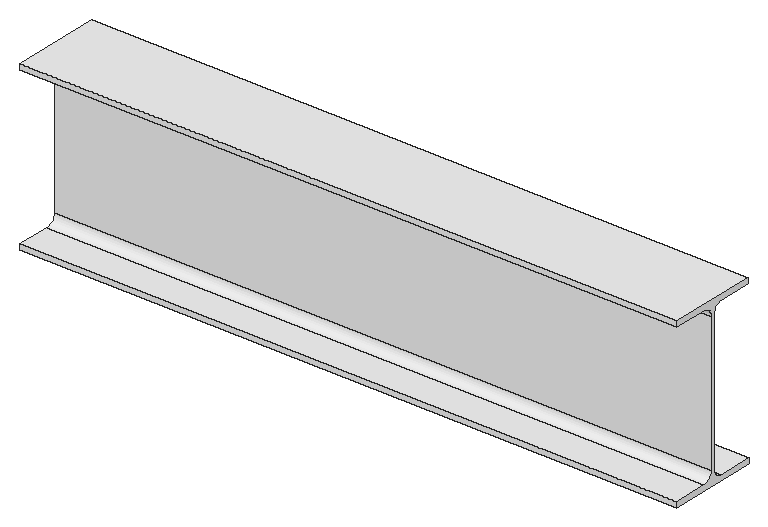
Revit family
Parameters (values of type "W310X38.7")
  시작 확장 계산 [instance] = 3012.5 mm + 시작 확장  # 3000 mm
  시작 확장 [instance] = -12.5 mm
  끝 확장 계산 [instance] = 3012.5 mm + 끝 확장  # 3000 mm
  끝 확장 [instance] = -12.5 mm
  보 재료 [instance] = 금속 - 스틸 - 345 MPa
  Assembly Code = ""
  A = 0.005 m²
  Length [instance] = 1524 mm
  W = 0.38
  bf = 165 mm
  d = 310 mm
  k = 27 mm
  kr = k - tf  # 17.3 mm
  tf = 9.7 mm
  tw = 5.8 mm
Reference planes
  plane 1 "중심(앞/뒤)": y = 0
  plane 2: z = 0
  plane 3 "중심(왼쪽/오른쪽)": x = 4.61
  plane 4 "왼쪽 부재": x = -604.99
  plane 5 "오른쪽 부재": x = 614.21
  plane 6: y = 82.5
  plane 7: y = -82.5
  plane 8 "상단": z = 155
  plane 9: z = -155
  plane 10 "왼쪽": x = -757.39
  plane 11 "오른쪽": x = 766.61
  plane 12: x = -604.99
  plane 13: x = 614.21
  plane 14: x = 2395.01
  plane 15: x = -2385.79
Forms (mm)
  Sweep 1, solid, material "금속 - 스틸 - 345 MPa" <- "보 재료", detail levels medium
    path origin (0, 0, 0) x (1, 0, 0) y (0, 1, 0)
      loop
        line (614.21, 0) -> (-604.99, 0)
    profile "M_W-와이드 플랜지-프로파일-중간 : M_W-와이드 플랜지-프로파일-중간" origin (4.61, 0, 0) x (0, -1, 0) y (0, 0, 1)
      loop
        line (-82.5, -155) -> (82.5, -155) -> (82.5, -145.3) -> (2.9, -145.3) -> (2.9, 145.3) -> (82.5, 145.3) -> (82.5, 155) -> (-82.5, 155) -> (-82.5, 145.3) -> (-2.9, 145.3) -> (-2.9, -145.3) -> (-82.5, -145.3) -> (-82.5, -155)
  Sweep 2, solid, material "금속 - 스틸 - 345 MPa" <- "보 재료", detail levels fine
    path origin (0, 0, 0) x (1, 0, 0) y (0, 1, 0)
      loop
        line (614.21, 0) -> (-604.99, 0)
    profile "M_W-와이드 플랜지-프로파일-섬세 : M_W-와이드 플랜지-프로파일-섬세" origin (4.61, 0, 0) x (0, -1, 0) y (0, 0, 1)
      loop
        line (-82.5, -155) -> (82.5, -155) -> (82.5, -145.3) -> (20.2, -145.3)
        arc (20.2, -145.3) -> (7.967, -140.233) -> (2.9, -128) r 17.3
        line (2.9, -128) -> (2.9, 128)
        arc (2.9, 128) -> (7.967, 140.233) -> (20.2, 145.3) r 17.3
        line (20.2, 145.3) -> (82.5, 145.3) -> (82.5, 155) -> (-82.5, 155) -> (-82.5, 145.3) -> (-20.2, 145.3)
        arc (-20.2, 145.3) -> (-7.967, 140.233) -> (-2.9, 128) r 17.3
        line (-2.9, 128) -> (-2.9, -128)
        arc (-2.9, -128) -> (-7.967, -140.233) -> (-20.2, -145.3) r 17.3
        line (-20.2, -145.3) -> (-82.5, -145.3) -> (-82.5, -155)
Lines and regions (mm)
  symbolic lines, style "숨겨진 면", detail levels medium+fine
    curve 1: line (614.21, -2.9, 0) -> (-604.99, -2.9, 0)
    curve 2: line (614.21, 2.9, 0) -> (-604.99, 2.9, 0)
  symbolic lines, style "기호 부착", detail levels coarse
    curve 3: line (4.61, 82.5, 155) -> (4.61, -82.5, 155)
    curve 4: line (4.61, -82.5, -155) -> (4.61, 82.5, -155)
    curve 5: line (4.61, 0, 155) -> (4.61, 0, -155)
Dimensions and locks
  "bf": plane 6 to plane 7
  "d": plane 9 to plane 8 "상단"
  equal spacing: plane 9, plane 2, plane 8 "상단"
  equal spacing: plane 6, plane 1 "중심(앞/뒤)", plane 7
  "Length": plane 10 "왼쪽" to plane 11 "오른쪽"
  "tw": curve 2 to curve 1
  equal spacing: curve 2, plane 1 "중심(앞/뒤)", curve 1
  locked: plane 4 "왼쪽 부재" to plane 14 at 3000
  locked: plane 15 to plane 5 "오른쪽 부재" at 3000
  "끝 확장 계산": plane 15 to plane 13
  "시작 확장 계산": plane 12 to plane 14
  aligned and locked: Sweep 1 sketch curve to plane 1 "중심(앞/뒤)"
  aligned and locked: Sweep 2 sketch curve to plane 1 "중심(앞/뒤)"
  aligned and locked: Sweep 2 to curve 3  (x2)
  aligned and locked: Sweep 2 to curve 4  (x2)
  aligned and locked: curve 3 to Sweep 2
  aligned and locked: curve 4 to Sweep 2
  aligned and locked: plane 12 to Sweep 2 sketch curve
  aligned and locked: plane 13 to Sweep 2 sketch curve
  aligned and locked: plane 12 to Sweep 1 sketch curve
  aligned and locked: plane 13 to Sweep 1 sketch curve
  aligned and locked: plane 12 to curve 2
  aligned and locked: plane 12 to curve 1
  aligned and locked: plane 13 to curve 2
  aligned and locked: plane 13 to curve 1
Automatic sketch dimensions
  curve 5 to plane 1 "중심(앞/뒤)" = 0 mm
